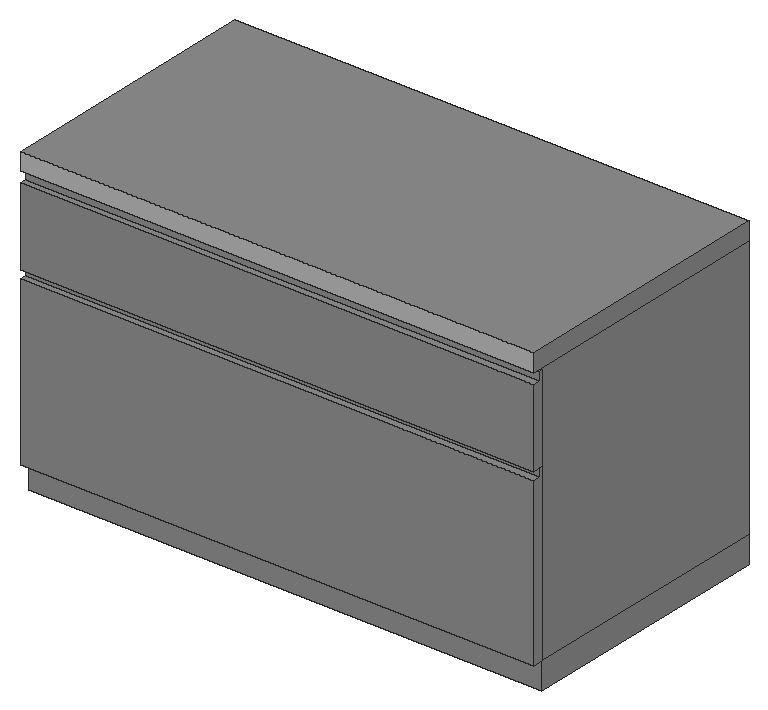
Revit family "Haworth_XSeries_LateralFile_21h", category Furniture Systems, Revit 2018
Family settings
  Round Connector Dimension = Use Diameter
  Part Type = Normal
  OmniClass Number = 23.40.70.14.64.21
  OmniClass Title = Systems Furniture
  Work Plane-Based = No
  Always vertical = Yes
  Cut with Voids When Loaded = No
  Shared = No
  Room Calculation Point = No
Parameters (values of type "18d 36w 21h - Proud Style")
  Width = 36"
  Warranty = "http://www.haworth.com/resources/product-info/warranties"
  URL - Product = "https://www.haworth.com/na/en/products/active-storage/x-series.html"
  URL = "http://www.haworth.com/"
  Taper Pull = no
  Sustainability Info = "https://www.haworth.com/na/en/expertise/sustainability.html"
  Size = "Verify Final Dim. w/ Haworth"  # constant formula
  Second Drawer Height = 6"  # constant formula
  Revision Number = "2"  # constant formula
  Radius Pull = no
  Pull Finish = Haworth _ Paint _ Smoke
  Pull Classic = no
  Proud Style = not(Inset Style)  # yes
  Proud Offset = if(Proud Style, 3/4", 0")  # 3/4"
  Open = no
  Not Open = not(Open)  # yes
  Model = "JLPD"  # constant formula
  Min. Width = 29 7/8"  # constant formula
  Max. Width = 47 7/8"  # constant formula
  Min. Height = 27 1/2"  # constant formula
  Max. Height = 63 1/2"  # constant formula
  Manufacturer = "Haworth"  # constant formula
  Lockbar Finish [instance] = Haworth _ Paint _ Smoke
  Linear Pull = no
  J Pull = yes
  Integral Pull = no
  Inset Style = no
  Front Finish [instance] = Haworth _ Paint _ Graphite
  Ellipse Pull = not(or(Taper Pull, Radius Pull, Linear Pull, Crescent Pull, Pull Classic, J Pull, Integral Pull))  # no
  Drawer Width = if(Proud Style, Actual Width, Actual Width - 1 1/2")  # 35 7/8"
  Drawer Height = 12 3/16"  # constant formula
  Drawer 4 = Actual # of Drawers > 3  # no
  Drawer 3 = Actual # of Drawers > 2  # no
  Description = "Haworth XSeries Lateral File - 18d 36w 21h - Proud Style"
  Custom Size = not(or(Width = 30", Width = 36", Width = 42"))  # no
  Crescent Pull = no
  Cabinet Height = 21 1/2"  # constant formula
  Cabinet Finish [instance] = Haworth _ Paint _ Graphite
  Author = "Haworth (Hampton)"  # constant formula
  Assembly Code = "E2020200"
  Actual Width = if(Width < Min. Width, Min. Width, if(Width > Max. Width, Max. Width, Width - 1/8"))  # 35 7/8"
  Actual Height = Cabinet Height  # 21 1/2"
  Actual # of Drawers = 2  # constant formula
  Actual Depth = if(Inset Style, 18", 18 3/4")  # 18 3/4"
  Standard Widths = "30, 36, 42 in."  # constant formula
  Max # of Drawers = 5  # constant formula
  # of Drawers = 2  # constant formula
Reference planes (in)
  plane 1 "Back": y = 0
  plane 2: z = 0
  plane 3 "Center L/R": x = 0
  plane 4 "Left": x = -17.9375
  plane 5 "Right": x = 17.9375
  plane 6 "Back of Drawer": y = -18
  plane 7 "Front": y = -18.75
  plane 8 "Top": z = 21.5
  plane 9 "Bottom of Top": z = 20.25
  plane 10 "Bottom of Cabinet": z = 0
  plane 11 "feet back": y = -0.75
  plane 12 "feet front": y = -16
  plane 13 "Feet Right": x = 15.9375
  plane 14 "Feet Left": x = -15.9375
  plane 15 "Bottom Drawer": z = 1.875
  plane 16 "Left Inside": x = -17.1875
  plane 17 "Right Inside": x = 17.1875
  plane 18: y = -18
  plane 19 "Center F/B": y = -9
Forms (in)
  Extrusion 1, solid, material "Haworth _ Paint _ Graphite" <- "Cabinet Finish"
    sketch origin (114.68227, -6.06265, 0) x (1, 0, 0) y (0, 1, 0)
      loop
        line (-132.61977, 6.06265) -> (-132.61977, -11.93735) -> (-131.86977, -11.93735) -> (-131.86977, 5.31265) -> (-97.49477, 5.31265) -> (-97.49477, -11.93735) -> (-96.74477, -11.93735) -> (-96.74477, 6.06265) -> (-132.61977, 6.06265)
    from 1.875 to 20.25
  Extrusion 2, solid, material "Haworth _ Paint _ Graphite" <- "Cabinet Finish"
    sketch origin (0, 0, 0) x (1, 0, 0) y (0, 1, 0)
      loop
        line (-17.9375, 0) -> (-17.9375, -18.75) -> (17.9375, -18.75) -> (17.9375, 0) -> (-17.9375, 0)
    from 20.25 to 21.5
  Extrusion 3, solid, material "Haworth _ Paint _ Graphite" <- "Cabinet Finish"
    sketch origin (0, 0, -18.75) x (1, 0, 0) y (0, 1, 0)
      loop
        line (-17.9375, 0) -> (-17.9375, -18) -> (17.9375, -18) -> (17.9375, 0) -> (-17.9375, 0)
    from 18.75 to 20.625
  Extrusion 4, solid, material "Haworth _ Paint _ Graphite" <- "Cabinet Finish", visible <- "Open"
    sketch origin (6.54074, -6.54074, 0) x (1, 0, 0) y (0, 1, 0)
      loop
        line (-23.72824, 5.79074) -> (-23.72824, -11.45926) -> (10.64676, -11.45926) -> (10.64676, 5.79074) -> (-23.72824, 5.79074)
    from 13.5 to 14.0625
Lines and regions (in)
  Masking region 1
    outline origin (0, 0, 0) x (1, 0, 0) y (0, 1, 0)
      loop
        line (-17.9375, 0) -> (-17.9375, -18.75) -> (17.9375, -18.75) -> (17.9375, 0) -> (-17.9375, 0)
Dimensions and locks (in)
  locked: plane 6 "Back of Drawer" to plane 7 "Front" at 0.75
  "Actual Depth": plane 1 "Back" to plane 7 "Front"
  "Actual Width": plane 4 "Left" to plane 5 "Right"
  locked: plane 8 "Top" to plane 9 "Bottom of Top" at 1.25
  equal spacing: plane 4 "Left", plane 3 "Center L/R", plane 5 "Right"
  locked: plane 13 "Feet Right" to plane 5 "Right" at 2
  locked: plane 4 "Left" to plane 14 "Feet Left" at 2
  locked: plane 12 "feet front" to plane 6 "Back of Drawer" at 2
  locked: plane 1 "Back" to plane 11 "feet back" at 0.75
  locked: plane 15 "Bottom Drawer" to plane 10 "Bottom of Cabinet" at 1.875
  "Actual Height": plane 8 "Top" to level
  "Cabinet Height": plane 8 "Top" to plane 10 "Bottom of Cabinet"
  locked: plane 16 "Left Inside" to plane 4 "Left" at 0.75
  locked: plane 5 "Right" to plane 17 "Right Inside" at 0.75
  "Proud Offset": plane 18 to plane 7 "Front"
  equal spacing: plane 18, plane 19 "Center F/B", plane 1 "Back"
  aligned and locked: plane 1 "Back" to Extrusion 1 sketch curve
  aligned and locked: Extrusion 1 to plane 4 "Left"
  aligned and locked: Extrusion 1 to plane 5 "Right"
  aligned and locked: plane 9 "Bottom of Top" to Extrusion 1
  aligned and locked: plane 4 "Left" to Extrusion 2 sketch curve
  aligned and locked: plane 1 "Back" to Extrusion 2 sketch curve
  aligned and locked: plane 5 "Right" to Extrusion 2 sketch curve
  aligned and locked: plane 7 "Front" to Extrusion 2 sketch curve
  aligned and locked: plane 8 "Top" to Extrusion 2
  aligned and locked: Extrusion 2 to plane 9 "Bottom of Top"
  aligned and locked: plane 3 "Center L/R" to nested 1
  aligned and locked: nested 1 to plane 6 "Back of Drawer"
  aligned and locked: level to plane 2
  aligned and locked: plane 15 "Bottom Drawer" to nested 1
  aligned and locked: plane 5 "Right" to Extrusion 1 sketch curve
  aligned and locked: plane 4 "Left" to Extrusion 1 sketch curve
  aligned and locked: Extrusion 1 sketch curve to plane 18  (x2)
  aligned and locked: Extrusion 1 sketch curve to plane 16 "Left Inside"
  aligned and locked: Extrusion 1 sketch curve to plane 17 "Right Inside"
  aligned and locked: Extrusion 1 to plane 15 "Bottom Drawer"
  aligned and locked: plane 10 "Bottom of Cabinet" to Extrusion 3
  aligned and locked: plane 15 "Bottom Drawer" to Extrusion 3
  aligned and locked: plane 4 "Left" to Extrusion 3 sketch curve
  aligned and locked: plane 5 "Right" to Extrusion 3 sketch curve
  aligned and locked: plane 6 "Back of Drawer" to Extrusion 3 sketch curve
  aligned and locked: plane 1 "Back" to Extrusion 3 sketch curve
  aligned and locked: Masking region 1 sketch curve to Extrusion 2  (x2)
  aligned and locked: Extrusion 2 to Masking region 1 sketch curve
  aligned and locked: nested 1 to nested 2
  aligned and locked: Extrusion 1 to plane 11 "feet back"
  aligned and locked: plane 3 "Center L/R" to nested 2
  aligned and locked: nested 2 to plane 7 "Front"
  aligned and locked: Extrusion 4 to plane 16 "Left Inside"
  aligned and locked: plane 17 "Right Inside" to Extrusion 4
  aligned and locked: plane 11 "feet back" to Extrusion 4
  aligned and locked: Extrusion 4 to plane 18
Automatic sketch dimensions
  Extrusion 1 sketch curve to plane 11 "feet back" = 0"
  plane 1 "Back" to Masking region 1 sketch curve = 0"
  plane 14 "Feet Left" to Extrusion 4 sketch curve = 1 1/4"
  plane 5 "Right" to Extrusion 4 sketch curve = 3/4"
  plane 7 "Front" to Extrusion 4 sketch curve = 3/4"
  plane 19 "Center F/B" to Extrusion 4 sketch curve = 8 1/4"
Nested families (in)
  nested 1: "Haworth_Drawer" at (0, -18, 1.875), Drawer Height <- "Drawer Height", type "Haworth_Drawer"
    with J Pull Drawer yes, Drawer Height 12 3/16", Pull Height 1 7/16", Pull Ellipse no, J Pull yes, Drawer Width 35 7/8", Flush Drawer no
  nested 2: "Haworth_Drawer" at (0, -18, 14.0625), Drawer Height <- "Second Drawer Height", visible <- "Not Open", type "Haworth_Drawer 2"
    with J Pull Drawer yes, Drawer Height 6", Pull Height 1 7/16", Pull Ellipse no, J Pull yes, Drawer Width 35 7/8", Flush Drawer no
Definition of nested family "Haworth_Drawer"
  Parameters
    Pull Taper = no
    Pull Radius = no
    Pull Patterns = no
    Pull Linear = no
    Pull Height = if(Pull Ellipse, 11/64", if(Pull Radius, 1 3/16", if(Pull Taper, 3/4", 1 7/16")))  # 11/64"
    Pull Finish = none
    Pull Ellipse = yes
    Pull Crescent = no
    Pull Classic = no
    J Pull Drawer [instance] = J Pull  # no
    J Pull = no
    Integral Pull Location = if(Integral Pull, 3 5/8", 1")  # 1"
    Integral Pull = no
    Front Finish = none
    Drawer Width = 14 7/8"
    Flush Drawer = not(J Pull)  # yes
    Drawer Height [instance] = 12"
    Drawer Finish = none
    Assembly Code = ""
  Reference planes (in)
    plane 1 "Drawer Back": y = 0
    plane 2: z = 0
    plane 3 "Center L/R": x = 0
    plane 4 "Drawer Front": y = -0.75
    plane 5 "Left": x = -7.4375
    plane 6 "Right": x = 7.4375
    plane 7 "Top": z = 12
    plane 8: y = -4
    plane 9: y = -3
    plane 10 "Integral Top": z = 11.54688
    plane 11 "Pull Location": z = 11.82813
    plane 12 "Integral Bottom": z = 12.10937
  Forms (in)
    Extrusion 1, solid, material <- "Drawer Finish", visible <- "J Pull Drawer"
      sketch origin (-7.4375, 0, 0) x (0, 1, 0) y (0, 0, 1)
        loop
          line (0, 12) -> (-0.25, 12) -> (-0.25, 11.4375) -> (-0.75, 11.4375) -> (-0.75, 0) -> (0, 0) -> (0, 12)
      from 0 to 14.875
    Extrusion 2, solid, material <- "Drawer Finish", visible <- "Flush Drawer"
      sketch origin (-7.4375, 0, 2.25) x (0, 1, 0) y (0, 0, 1)
        loop
          line (0, 9.75) -> (-0.75, 9.75) -> (-0.75, -2.25) -> (0, -2.25) -> (0, 9.75)
      from 0 to 14.875
    Extrusion 3, void
      sketch origin (0, -0.75, 0) x (-1, 0, 0) y (0, 0, 1)
        loop
          line (4, 11.54688) -> (4, 12.10937) -> (-4, 12.10937) -> (-4, 11.54688) -> (4, 11.54688)
      from -3.25 to -2.25
  Cuts and joins
    Extrusion 3 cuts Extrusion 1
    Extrusion 3 cuts Extrusion 2
  Dimensions and locks (in)
    equal spacing: plane 5 "Left", plane 3 "Center L/R", plane 6 "Right"
    "Drawer Width": plane 5 "Left" to plane 6 "Right"
    locked: plane 1 "Drawer Back" to plane 4 "Drawer Front" at 0.75
    "Drawer Height": plane 7 "Top" to level
    locked: plane 8 to plane 1 "Drawer Back" at 4
    "Integral Pull Location": plane 8 to plane 9
    equal spacing: Extrusion 3 sketch curve, plane 3 "Center L/R", Extrusion 3 sketch curve
    locked: Extrusion 3 sketch curve to Extrusion 3 sketch curve at 8
    "Pull Height": plane 7 "Top" to plane 11 "Pull Location"
    equal spacing: plane 12 "Integral Bottom", plane 11 "Pull Location", plane 10 "Integral Top"
    locked: plane 12 "Integral Bottom" to plane 10 "Integral Top" at 0.5625
    aligned and locked: Extrusion 1 sketch curve to plane 1 "Drawer Back"
    aligned and locked: Extrusion 1 sketch curve to plane 2
    aligned and locked: Extrusion 1 sketch curve to plane 4 "Drawer Front"
    aligned and locked: Extrusion 1 to plane 6 "Right"
    aligned and locked: Extrusion 2 to plane 6 "Right"
    aligned and locked: plane 1 "Drawer Back" to Extrusion 2 sketch curve
    aligned and locked: plane 7 "Top" to Extrusion 2 sketch curve
    aligned and locked: level to Extrusion 2 sketch curve
    aligned and locked: Extrusion 2 sketch curve to plane 4 "Drawer Front"
    aligned: plane 7 "Top" to nested 1
    aligned: Extrusion 3 to plane 8
    aligned: plane 9 to Extrusion 3
    aligned and locked: nested 1 to plane 4 "Drawer Front"
    aligned and locked: plane 12 "Integral Bottom" to Extrusion 3 sketch curve
    aligned and locked: nested 1 to plane 11 "Pull Location"
    aligned and locked: plane 3 "Center L/R" to nested 1
    aligned and locked: plane 9 to Extrusion 3
  Automatic sketch dimensions
    Extrusion 1 sketch curve to plane 7 "Top" = 0"
    plane 1 "Drawer Back" to Extrusion 1 sketch curve = 1/4"
    Extrusion 1 sketch curve to Extrusion 1 sketch curve = 9/16"
    Extrusion 3 sketch curve to plane 10 "Integral Top" = 0"
  Nested families (in)
    nested 1: "Haworth_Drawer-Pulls" at (0, -0.75, 11.82813), type "Pull", detail levels medium+fine
      with Linear no, Ellipse yes
  Definition of nested family "Haworth_Drawer-Pulls"
    Parameters
      Taper = no
      Radius = no
      Patterns = no
      Linear = yes
      Handle Finish = none
      Ellipse = no
      Cresent = no
      Classic = no
      Assembly Code = ""
    Reference planes (in)
      plane 1 "Center Front/Back": y = 0
      plane 2: z = 0
      plane 3 "Center Left/Right": x = 0
    Forms (in)
      Extrusion 1, solid, material <- "Handle Finish", visible <- "Ellipse"
        sketch origin (0, 0, 0.15915) x (0, 1, 0) y (0, 0, 1)
          loop
            arc (-0.03015, 0) -> (-0.26713, -0.02983) -> (-0.49038, -0.11475) r 1.00501
            arc (-0.49038, -0.11475) -> (-0.65216, -0.22112) -> (-0.78985, -0.35725) r 0.97894
            arc (-0.78985, -0.35725) -> (-0.87314, -0.47263) -> (-0.94033, -0.59807) r 1.0667
            arc (-0.94033, -0.59807) -> (-0.90977, -0.66145) -> (-0.84562, -0.63254) r 0.05041
            arc (-0.84562, -0.63254) -> (-0.67669, -0.39049) -> (-0.44702, -0.20509) r 1.04885
            arc (-0.44702, -0.20509) -> (-0.35012, -0.16094) -> (-0.24858, -0.12892) r 0.8735
            arc (-0.24858, -0.12892) -> (-0.16053, -0.15188) -> (-0.11419, -0.23018) r 0.11948
            arc (-0.11419, -0.23018) -> (-0.0664, -0.27738) -> (0, -0.26729) r 0.07488
            line (0, -0.26729) -> (0, -0.05102) -> (-0.03015, 0)
        from -6.51863 to 6.51698
      Extrusion 2, void
        sketch origin (0, 0, 0.15915) x (1, 0, 0) y (0, 1, 0)
          loop
            line (-6.49996, 0) -> (-6.67266, 0) -> (-6.67266, -1.11616) -> (6.67266, -1.11616) -> (6.67266, 0) -> (6.49996, 0)
            arc (6.49996, 0) -> (6.46575, -0.17809) -> (6.37201, -0.33332) r 0.51574
            arc (6.37201, -0.33332) -> (6.23583, -0.44508) -> (6.07096, -0.50713) r 0.54076
            arc (6.07096, -0.50713) -> (4.5721, -0.7479) -> (3.05951, -0.87689) r 20.46435
            arc (3.05951, -0.87689) -> (0, -0.95029) -> (-3.05951, -0.87689) r 63.79827
            arc (-3.05951, -0.87689) -> (-4.5721, -0.7479) -> (-6.07096, -0.50713) r 20.46435
            arc (-6.07096, -0.50713) -> (-6.23583, -0.44508) -> (-6.37201, -0.33332) r 0.54076
            arc (-6.37201, -0.33332) -> (-6.46575, -0.17809) -> (-6.49996, 0) r 0.51574
        from 0 to -0.90865
      Blend 3, solid, material <- "Handle Finish", visible <- "Radius"
        base sketch origin (0, 0, 0.3125) x (0, 1, 0) y (0, 0, -1)
          loop
            line (0, 0) -> (0, 0.625) -> (-0.40339, 0.625)
            arc (-0.40339, 0.625) -> (-0.71589, 0.3125) -> (-0.40339, 0) r 0.3125
            line (-0.40339, 0) -> (0, 0)
        top sketch origin (0, 0, 0.3125) x (0, 1, 0) y (0, 0, -1)
          loop
            line (0, 0) -> (0, 0.625) -> (-0.77884, 0.625)
            arc (-0.77884, 0.625) -> (-1.09134, 0.3125) -> (-0.77884, 0) r 0.3125
            line (-0.77884, 0) -> (0, 0)
        from -4.875 to -3.625
      Sweep 4, solid, material <- "Handle Finish", visible <- "Radius"
        path origin (0, 0, 0) x (1, 0, 0) y (0, 1, 0)
          loop
            arc (-4.875, -0.71589) -> (0, -1.5425) -> (4.875, -0.71589) r 14.78881
        profile origin (0, -1.5425, 0) x (0, 1, 0) y (0, 0, 1)
          loop
            circle (0.3125, 0) r 0.30469
      Extrusion 5, solid, material <- "Handle Finish", visible <- "Taper"
        sketch origin (0, 0, 0.27281) x (0, 1, 0) y (0, 0, 1)
          loop
            line (0, 0) -> (-0.875, 0)
            arc (-0.875, 0) -> (-0.96339, -0.03661) -> (-1, -0.125) r 0.125
            line (-1, -0.125) -> (-1, -0.7) -> (-0.96886, -0.7) -> (-0.96886, -0.1251)
            arc (-0.96886, -0.1251) -> (-0.94137, -0.05874) -> (-0.875, -0.03125) r 0.09386
            line (-0.875, -0.03125) -> (-0.03125, -0.03125) -> (-0.03125, -0.53) -> (0, -0.53) -> (0, 0)
        from -6.5565 to 6.5565
      Extrusion 6, void
        sketch origin (0, 0, 0.27281) x (1, 0, 0) y (0, 0, 1)
          loop
            arc (-5.23353, -0.7191) -> (-5.99714, -0.52453) -> (-6.57454, 0.01172) r 1.59575
            line (-6.57454, 0.01172) -> (-6.85981, 0.01172) -> (-6.85981, -1) -> (6.85981, -1) -> (6.85981, 0.01172) -> (6.57454, 0.01172)
            arc (6.57454, 0.01172) -> (5.99714, -0.52453) -> (5.23353, -0.7191) r 1.59575
            line (5.23353, -0.7191) -> (-5.23353, -0.7191)
        from 0 to 2.20115
      Sweep 7, solid, material <- "Handle Finish", visible <- "Cresent"
        path origin (0, 0, 0.125) x (1, 0, 0) y (0, 1, 0)
          loop
            arc (-3.80272, 0.04) -> (0, -1.24998) -> (3.80273, 0.04) r 6.25
        profile origin (0, -1.24998, 0.125) x (0, 1, 0) y (0, 0, 1)
          loop
            circle (0.125, -0.125) r 0.125
      Extrusion 8, void
        sketch origin (0, 0, 0.125) x (1, 0, 0) y (0, 1, 0)
          loop
            line (-3.94545, 0) -> (3.94399, 0) -> (3.94399, 0.32073) -> (-3.94545, 0.32073) -> (-3.94545, 0)
        from 0.03472 to -0.28458
      Extrusion 9, solid, material <- "Handle Finish", visible <- "Linear"
        sketch origin (0, 0, 0.125) x (1, 0, 0) y (0, 1, 0)
          loop
            line (-4, 0) -> (-4, -1.25) -> (4, -1.25) -> (4, 0) -> (3, 0) -> (3, -1) -> (-3, -1) -> (-3, 0) -> (-4, 0)
        from 0 to -0.25
      Extrusion 10, solid, material <- "Handle Finish", visible <- "Classic"
        sketch origin (0, 0, 0.375) x (1, 0, 0) y (0, 0, 1)
          loop
            line (-3.375, 0) -> (-3.375, -0.75)
            arc (-3.375, -0.75) -> (-3, -0.375) -> (-3.375, 0) r 0.375
        from 0 to 1
      Extrusion 11, solid, material <- "Handle Finish", visible <- "Classic"
        sketch origin (0, 0, 0.375) x (-1, 0, 0) y (0, 0, -1)
          loop
            arc (-3.375, 0) -> (-3, 0.375) -> (-3.375, 0.75) r 0.375
            line (-3.375, 0.75) -> (-3.375, 0)
        from 0 to 1
      Extrusion 12, solid, material <- "Handle Finish", visible <- "Classic"
        sketch origin (0, 0, 0.375) x (1, 0, 0) y (0, 0, 1)
          loop
            line (-3.375, 0) -> (-3.375, -0.75) -> (3.375, -0.75) -> (3.375, 0) -> (-3.375, 0)
        from 1 to 1.25
      Blend 13, solid, material <- "Handle Finish", visible <- "Radius"
        base sketch origin (0, 0, 0.3125) x (0, 1, 0) y (0, 0, 1)
          loop
            line (0, 0) -> (-0.40339, 0)
            arc (-0.40339, 0) -> (-0.71589, -0.3125) -> (-0.40339, -0.625) r 0.3125
            line (-0.40339, -0.625) -> (0, -0.625) -> (0, 0)
        top sketch origin (0, 0, 0.3125) x (0, 1, 0) y (0, 0, 1)
          loop
            line (0, 0) -> (-0.77884, 0)
            arc (-0.77884, 0) -> (-1.09134, -0.3125) -> (-0.77884, -0.625) r 0.3125
            line (-0.77884, -0.625) -> (0, -0.625) -> (0, 0)
        from -4.875 to -3.625
      Extrusion 14, solid, material <- "Handle Finish", visible <- "Patterns"
        sketch origin (0, 0, 0.27281) x (0, 1, 0) y (0, 0, 1)
          loop
            line (0, 0) -> (-0.875, 0)
            arc (-0.875, 0) -> (-0.96339, -0.03661) -> (-1, -0.125) r 0.125
            line (-1, -0.125) -> (-1, -0.7) -> (-0.96886, -0.7) -> (-0.96886, -0.1251)
            arc (-0.96886, -0.1251) -> (-0.94137, -0.05874) -> (-0.875, -0.03125) r 0.09386
            line (-0.875, -0.03125) -> (-0.03125, -0.03125) -> (-0.03125, -0.53) -> (0, -0.53) -> (0, 0)
        from -4 to 4
    Cuts and joins
      Extrusion 2 cuts Extrusion 1
      joined: Extrusion 10, Extrusion 11, Extrusion 12
      Extrusion 6 cuts Extrusion 5
      Extrusion 8 cuts Sweep 7
      joined: Blend 3, Sweep 4, Blend 13
